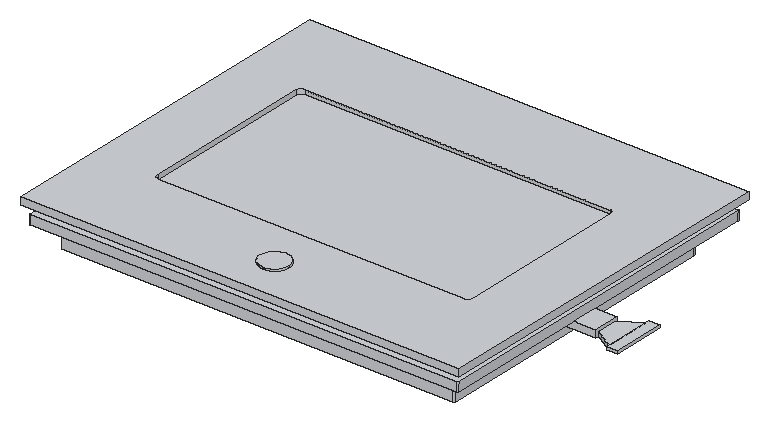
Revit family "Gira_209700", category Electrical Fixtures, host Face, Revit 2017
Family settings
  Host = Face
  Maintain Annotation Orientation = Yes
  Round Connector Dimension = Use Diameter
  Part Type = Normal
  Cut with Voids When Loaded = No
  Shared = No
  Room Calculation Point = No
Parameters (values of type "Gira Control 9 Client 2 Elektronik")
  Zentrale Funktionseinheit für Sender/Aktoren = "Yes"
  URL = "http://katalog.gira.de/de_DE/datenblatt.html?artikelnr=209700"
  Temperaturregler = "Yes"
  Status-LED = "No"
  Schutzart (IP) = "IP20"
  Region = "DE"
  Präsenztaster = "No"
  Name = "Gira Control 9 Client 2 Elektronik"
  Montageart = "unter Putz"
  Mit Display = "Yes"
  Mit Diebstahl-/Demontageschutz = "No"
  Mit Busankopplung = "Yes"
  Manufacturer URL = "https://www.gira.de/"
  Manuelle Sollwertverstellung = "Yes"
  Keynote = "GiraHomeServer_GC9 Client"
  IR-Sensor = "No"
  HeinzeBIM = "https://bimportal.heinze.de/bim/gira-control-9-client-2-elektronik/852eded8a5ac2b13dc98714c976cb2f5b88f9fd8"
  HAN = "209700"
  GTIN = "4010337029267"
  Funk bidirektional = "No"
  Default Elevation = 1219.2 mm
  Data sheet (1) = "https://katalog.gira.de/de_DE/download.html?artikelnr=209700"
  DCF77 Empfänger integriert = "No"
  Category = "Bussystem-Mehrfach Bediengerät"
  Bussystem Powernet = "No"
  Bussystem LON = "No"
  Bussystem KNX-Funk = "No"
  Bussystem KNX = "Yes"
  Bussystem Funkbus = "No"
  Available = "Yes"
  Andere Bussysteme = "ohne"
Reference planes
  plane 1 "Center (Front/Back)": y = 0
  plane 2: z = 0
  plane 3 "Center (Left/Right)": x = 0
Forms (mm)
  Extrusion 1, solid, detail levels fine
    sketch origin (0, 0, 0) x (1, 0, 0) y (0, 1, 0)
      loop
        line (-137, 113) -> (-137, -113) -> (137, -113) -> (137, 113) -> (-137, 113)
      loop
        circle (0, -85.75) r 9
      loop
        line (-95.4, -57.2) -> (95.4, -57.2)
        arc (95.4, -57.2) -> (97.521, -56.321) -> (98.4, -54.2) r 3
        line (98.4, -54.2) -> (98.4, 54.2)
        arc (98.4, 54.2) -> (97.521, 56.321) -> (95.4, 57.2) r 3
        line (95.4, 57.2) -> (-95.4, 57.2)
        arc (-95.4, 57.2) -> (-97.521, 56.321) -> (-98.4, 54.2) r 3
        line (-98.4, 54.2) -> (-98.4, -54.2)
        arc (-98.4, -54.2) -> (-97.521, -56.321) -> (-95.4, -57.2) r 3
    from 0 to 4.4
  Extrusion 2, solid, detail levels fine
    sketch origin (0, 0, 0) x (1, 0, 0) y (0, 1, 0)
      loop
        circle (0, -85.75) r 9
    from 0 to 5.2
  Extrusion 3, solid, detail levels fine
    sketch origin (0, 0, 0) x (1, 0, 0) y (0, 1, 0)
      loop
        arc (-98.4, -54.2) -> (-97.521, -56.321) -> (-95.4, -57.2) r 3
        line (-95.4, -57.2) -> (95.4, -57.2)
        arc (95.4, -57.2) -> (97.521, -56.321) -> (98.4, -54.2) r 3
        line (98.4, -54.2) -> (98.4, 54.2)
        arc (98.4, 54.2) -> (97.521, 56.321) -> (95.4, 57.2) r 3
        line (95.4, 57.2) -> (-95.4, 57.2)
        arc (-95.4, 57.2) -> (-97.521, 56.321) -> (-98.4, 54.2) r 3
        line (-98.4, 54.2) -> (-98.4, -54.2)
    from 0 to 2
  Extrusion 4, solid, detail levels fine
    sketch origin (0, 0, 0) x (1, 0, 0) y (0, 1, 0)
      loop
        spline (-133.946, -108.945) -> (-133.937, -109.076) -> (-133.912, -109.204) -> (-133.87, -109.328) -> (-133.812, -109.445) -> (-133.74, -109.553) -> (-133.653, -109.652) -> (-133.555, -109.738) -> (-133.447, -109.81) -> (-133.329, -109.868) -> (-133.206, -109.91) -> (-133.077, -109.936) -> (-132.947, -109.944)
        line (-132.947, -109.944) -> (132.943, -109.944)
        spline (132.943, -109.944) -> (133.074, -109.936) -> (133.202, -109.91) -> (133.326, -109.868) -> (133.443, -109.81) -> (133.552, -109.738) -> (133.65, -109.652) -> (133.736, -109.553) -> (133.809, -109.445) -> (133.866, -109.328) -> (133.908, -109.204) -> (133.934, -109.076) -> (133.942, -108.945)
        line (133.942, -108.945) -> (133.942, 108.945)
        spline (133.942, 108.945) -> (133.934, 109.076) -> (133.908, 109.204) -> (133.866, 109.328) -> (133.809, 109.445) -> (133.736, 109.553) -> (133.65, 109.652) -> (133.552, 109.738) -> (133.443, 109.81) -> (133.326, 109.868) -> (133.202, 109.91) -> (133.074, 109.936) -> (132.943, 109.944)
        line (132.943, 109.944) -> (-132.947, 109.944)
        spline (-132.947, 109.944) -> (-133.077, 109.936) -> (-133.206, 109.91) -> (-133.329, 109.868) -> (-133.447, 109.81) -> (-133.555, 109.738) -> (-133.653, 109.652) -> (-133.74, 109.553) -> (-133.812, 109.445) -> (-133.87, 109.328) -> (-133.912, 109.204) -> (-133.937, 109.076) -> (-133.946, 108.945)
        line (-133.946, 108.945) -> (-133.946, -108.945)
    from -11.1 to -5.6
  Extrusion 5, solid, detail levels fine
    sketch origin (0, 0, 0) x (1, 0, 0) y (0, 1, 0)
      loop
        line (-122.041, -99.039) -> (122.038, -99.039)
        spline (122.038, -99.039) -> (122.168, -99.031) -> (122.297, -99.005) -> (122.42, -98.963) -> (122.538, -98.905) -> (122.646, -98.833) -> (122.745, -98.747) -> (122.831, -98.648) -> (122.904, -98.54) -> (122.961, -98.422) -> (123.003, -98.298) -> (123.029, -98.17) -> (123.037, -98.04)
        line (123.037, -98.04) -> (123.037, 88.04)
        spline (123.037, 88.04) -> (123.029, 88.17) -> (123.003, 88.298) -> (122.961, 88.422) -> (122.904, 88.54) -> (122.831, 88.648) -> (122.745, 88.747) -> (122.646, 88.833) -> (122.538, 88.905) -> (122.42, 88.963) -> (122.297, 89.005) -> (122.168, 89.031) -> (122.038, 89.039)
        line (122.038, 89.039) -> (-122.041, 89.039)
        spline (-122.041, 89.039) -> (-122.172, 89.031) -> (-122.3, 89.005) -> (-122.424, 88.963) -> (-122.541, 88.905) -> (-122.65, 88.833) -> (-122.748, 88.747) -> (-122.835, 88.648) -> (-122.907, 88.54) -> (-122.965, 88.422) -> (-123.007, 88.298) -> (-123.033, 88.17) -> (-123.041, 88.04)
        line (-123.041, 88.04) -> (-123.041, -98.04)
        spline (-123.041, -98.04) -> (-123.033, -98.17) -> (-123.007, -98.298) -> (-122.965, -98.422) -> (-122.907, -98.54) -> (-122.835, -98.648) -> (-122.748, -98.747) -> (-122.65, -98.833) -> (-122.541, -98.905) -> (-122.424, -98.963) -> (-122.3, -99.005) -> (-122.172, -99.031) -> (-122.041, -99.039)
    from -25.1 to -11.1
  Extrusion 6, solid, detail levels fine
    sketch origin (0, 0, 0) x (1, 0, 0) y (0, 1, 0)
      loop
        line (124.73, 91.432) -> (-124.734, 91.432) -> (-124.734, -100.732) -> (124.73, -100.732) -> (124.73, 91.432)
    from -5.6 to 0
  Extrusion 7, solid, detail levels fine
    sketch origin (0, 0, 0) x (1, 0, 0) y (0, 1, 0)
      loop
        line (25.023, -19.8) -> (148.023, -19.8) -> (148.023, -3.8) -> (25.023, -3.8) -> (25.023, -19.8)
    from -15 to -10.4
  Extrusion 8, solid, detail levels fine
    sketch origin (0, 0, 0) x (1, 0, 0) y (0, 1, 0)
      loop
        line (148.023, -5.004) -> (148.023, -18.596) -> (161.509, -26.379) -> (161.509, 2.779) -> (148.023, -5.004)
    from -14 to -12
  Extrusion 9, solid, detail levels fine
    sketch origin (0, 0, 0) x (1, 0, 0) y (0, 1, 0)
      loop
        line (161.509, 4.825) -> (161.509, -28.425) -> (168.409, -28.425) -> (168.409, 4.825) -> (161.509, 4.825)
    from -13.2 to -11.5
  Extrusion 10, solid, detail levels coarse
    sketch origin (0, 0, 0) x (1, 0, 0) y (0, 1, 0)
      loop
        line (-137, 113) -> (-137, -113) -> (168.409, -113) -> (168.409, 113) -> (-137, 113)
    from -25.1 to 5.2
  Extrusion 11, solid, detail levels medium
    sketch origin (0, 0, 0) x (1, 0, 0) y (0, 1, 0)
      loop
        line (-137, 113) -> (-137, -113) -> (137, -113) -> (137, 113) -> (-137, 113)
    from 0 to 5.2
  Extrusion 12, solid, detail levels medium
    sketch origin (0, 0, 0) x (1, 0, 0) y (0, 1, 0)
      loop
        spline (-133.946, -108.945) -> (-133.937, -109.076) -> (-133.912, -109.204) -> (-133.87, -109.328) -> (-133.812, -109.445) -> (-133.74, -109.553) -> (-133.653, -109.652) -> (-133.555, -109.738) -> (-133.447, -109.81) -> (-133.329, -109.868) -> (-133.206, -109.91) -> (-133.077, -109.936) -> (-132.947, -109.944)
        line (-132.947, -109.944) -> (132.943, -109.944)
        spline (132.943, -109.944) -> (133.074, -109.936) -> (133.202, -109.91) -> (133.326, -109.868) -> (133.443, -109.81) -> (133.552, -109.738) -> (133.65, -109.652) -> (133.736, -109.553) -> (133.809, -109.445) -> (133.866, -109.328) -> (133.908, -109.204) -> (133.934, -109.076) -> (133.942, -108.945)
        line (133.942, -108.945) -> (133.942, 108.945)
        spline (133.942, 108.945) -> (133.934, 109.076) -> (133.908, 109.204) -> (133.866, 109.328) -> (133.809, 109.445) -> (133.736, 109.553) -> (133.65, 109.652) -> (133.552, 109.738) -> (133.443, 109.81) -> (133.326, 109.868) -> (133.202, 109.91) -> (133.074, 109.936) -> (132.943, 109.944)
        line (132.943, 109.944) -> (-132.947, 109.944)
        spline (-132.947, 109.944) -> (-133.077, 109.936) -> (-133.206, 109.91) -> (-133.329, 109.868) -> (-133.447, 109.81) -> (-133.555, 109.738) -> (-133.653, 109.652) -> (-133.74, 109.553) -> (-133.812, 109.445) -> (-133.87, 109.328) -> (-133.912, 109.204) -> (-133.937, 109.076) -> (-133.946, 108.945)
        line (-133.946, 108.945) -> (-133.946, -108.945)
    from -25.1 to 0
  Extrusion 13, solid, detail levels medium
    sketch origin (0, 0, 0) x (1, 0, 0) y (0, 1, 0)
      loop
        line (25.023, 4.825) -> (25.023, -28.425) -> (168.409, -28.425) -> (168.409, 4.825) -> (25.023, 4.825)
    from -13.2 to -11.5
Dimensions and locks
  aligned and locked: plane 2 to host face
  aligned and locked: level to host face
  aligned and locked: plane 3 "Center (Left/Right)" to nested 1
  aligned and locked: plane 1 "Center (Front/Back)" to nested 1
Nested families
  nested 1: "Home server" at (0, 0, 0), type "Home server"
Connectors
  electrical at (15.704, 0, -25.1)
    settings: on Extrusion 10, index 1, voltage 220 V, apparent load 0 VA, apparent load phase1 0 VA, apparent load phase2 0 VA, apparent load phase3 0 VA, power factor 1, load classification "Other", number of poles 1, system type 30, power factor state 1, is connector primary yes, connector utility no, sub classification motor no, connector description ""
Definition of nested family "Home server"
  Reference planes
    plane 1: y = 0
    plane 2: x = 0
  Lines and regions (mm)
    detail lines
      curve 1: line (-0.526, 1.505, 0) -> (-0.768, 1.505, 0)
      curve 2: line (-0.775, 0.889, 0) -> (-0.946, 1.06, 0)
      curve 3: line (-0.785, 2.117, 0) -> (-0.956, 1.946, 0)
      curve 4: line (-1.401, 2.452, 0) -> (-1.401, 2.227, 0)
      curve 5: line (-2.013, 2.107, 0) -> (-1.842, 1.936, 0)
      curve 6: line (-2.003, 0.88, 0) -> (-1.832, 1.051, 0)
      curve 7: line (-1.387, 0.63, 0) -> (-1.387, 0.872, 0)
      curve 8: line (-1.401, 2.121, 0) -> (-1.401, 1.897, 0)
      curve 9: line (-1.614, 1.883, 0) -> (-1.614, 2.289, 0)
      curve 10: line (-1.401, 2.289, 0) -> (-1.614, 2.289, 0)
      curve 11: line (-1.401, 2.289, 0) -> (-1.188, 2.289, 0)
      curve 12: line (-1.188, 1.883, 0) -> (-1.188, 2.289, 0)
      curve 13: line (0.689, 2.287, 0) -> (0.689, 0.713, 0)
      curve 14: line (0.689, 2.287, 0) -> (2.15, 2.287, 0)
      curve 15: line (2.15, 2.287, 0) -> (2.15, 0.713, 0)
      curve 16: line (0.689, 0.713, 0) -> (2.15, 0.713, 0)
      curve 17: line (1.417, 1.217, 0) -> (1.417, 0.713, 0)
      curve 18: line (0.854, 1.389, 0) -> (1.978, 1.389, 0)
      curve 19: line (0.854, 1.612, 0) -> (1.978, 1.612, 0)
      curve 20: line (0.854, 1.841, 0) -> (1.978, 1.841, 0)
      curve 21: line (0.854, 2.067, 0) -> (1.978, 2.067, 0)
      curve 22: arc (-1.614, 1.883, 0) -> (-1.401, 1.055, 0) -> (-1.188, 1.883, 0) r 0.441
      curve 23: line (-2.276, 1.505, 0) -> (-2.034, 1.505, 0)
      curve 24: line (-2.813, 3, 0) -> (2.813, 3, 0)
      curve 25: line (2.813, 3, 0) -> (2.813, 0, 0)
      curve 26: line (2.813, 0, 0) -> (-2.813, 0, 0)
      curve 27: line (-2.813, 0, 0) -> (-2.813, 3, 0)
